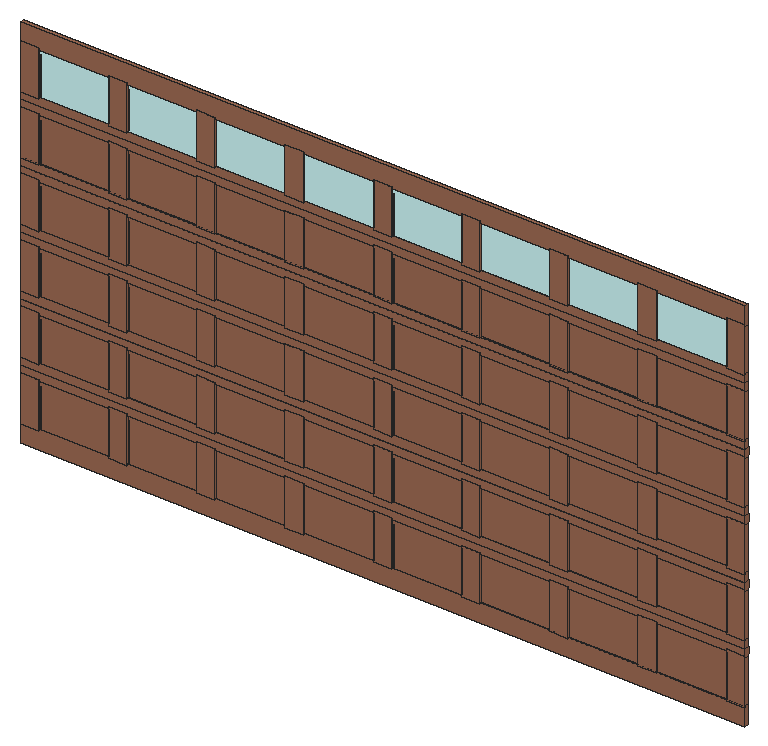
Revit family "GDBL E 48P GT CRV", category Doors, host Wall, Revit 2013
Parameters
  Wall Opening [instance] = 4880 mm
  Function = Interior
  Frame Projection Ext. = 25 mm
  Frame Projection Int. = 25 mm
  Frame Width = 75 mm
  Height = 2535 mm
  Wall Closure = By host
  Width = 4880 mm
Reference planes
  plane 1: y = 0
  plane 2 "Center (Left/Right)": x = 0
  plane 3 "Left": x = -2440
  plane 4 "Right": x = 2440
  plane 5: z = 2535
  plane 6 "Exterior": y = 75
  plane 7 "Interior": y = -75
  plane 8 "Garage Bottom": y = 75
  plane 9 "Garage Left": x = 2470
  plane 10 "Garage Right": x = -2470
  plane 11 "Garage Top": z = 2100
  plane 12: z = 476
  plane 13: z = 882
  plane 14: z = 1288
  plane 15: z = 1694
  plane 16: z = 2570
Forms (mm)
  Extrusion 1, solid, material "Garage Wood"
    sketch origin (2744.172, -275, 1694) x (0, -1, 0) y (-1, 0, 0)
      loop
        line (-175, 5089.172) -> (-185, 5089.172) -> (-185, 4612.172) -> (-175, 4612.172) -> (-175, 5089.172)
    from 55.546 to 351
  Sweep 2, solid, material "Garage Wood"
    path origin (2744.172, 120, 1287.954) x (1, 0, 0) y (0, 1, 0)
      loop
        line (-5214.172, -225) -> (-274.172, -225)
    profile "Van Acht 55.5x30 Garage Rail : Van Acht 55.5x30 Garage Rail" origin (0, -105, 1287.954) x (0, 1, 0) y (0, 0, 1)
      loop
        line (0, 0.046) -> (30, 0.046) -> (30, 46.546) -> (28, 46.546)
        arc (28, 46.546) -> (25.296, 51.527) -> (20, 53.546) r 8.162
        line (20, 53.546) -> (20, 55.546) -> (0, 55.546) -> (0, 0.046)
  Extrusion 3, solid, material "Garage Wood"
    sketch origin (0, 0, 0) x (0, -1, 0) y (0, 0, -1)
      loop
        line (105, -1694.046) -> (105, -1638.546) -> (85, -1638.546) -> (85, -1640.546)
        arc (85, -1640.546) -> (79.704, -1642.565) -> (77, -1647.546) r 8.162
        line (77, -1647.546) -> (75, -1647.546) -> (75, -1694.046) -> (105, -1694.046)
    from -2470 to 2470
  Sweep 4, solid, material "Garage Wood"
    path origin (2744.172, 120, 881.954) x (1, 0, 0) y (0, 1, 0)
      loop
        line (-5214.172, -225) -> (-274.172, -225)
    profile "Van Acht 55.5x30 Garage Rail : Van Acht 55.5x30 Garage Rail" origin (0, -105, 881.954) x (0, 1, 0) y (0, 0, 1)
      loop
        line (0, 0.046) -> (30, 0.046) -> (30, 46.546) -> (28, 46.546)
        arc (28, 46.546) -> (25.296, 51.527) -> (20, 53.546) r 8.162
        line (20, 53.546) -> (20, 55.546) -> (0, 55.546) -> (0, 0.046)
  Extrusion 5, solid, material "Garage Wood"
    sketch origin (0, 0, -406) x (0, -1, 0) y (0, 0, -1)
      loop
        line (105, -1694.046) -> (105, -1638.546) -> (85, -1638.546) -> (85, -1640.546)
        arc (85, -1640.546) -> (79.704, -1642.565) -> (77, -1647.546) r 8.162
        line (77, -1647.546) -> (75, -1647.546) -> (75, -1694.046) -> (105, -1694.046)
    from -2470 to 2470
  Sweep 6, solid, material "Garage Wood"
    path origin (2744.172, 120, 475.954) x (1, 0, 0) y (0, 1, 0)
      loop
        line (-5214.172, -225) -> (-274.172, -225)
    profile "Van Acht 55.5x30 Garage Rail : Van Acht 55.5x30 Garage Rail" origin (0, -105, 475.954) x (0, 1, 0) y (0, 0, 1)
      loop
        line (0, 0.046) -> (30, 0.046) -> (30, 46.546) -> (28, 46.546)
        arc (28, 46.546) -> (25.296, 51.527) -> (20, 53.546) r 8.162
        line (20, 53.546) -> (20, 55.546) -> (0, 55.546) -> (0, 0.046)
  Extrusion 7, solid, material "Garage Wood"
    sketch origin (0, 0, -812) x (0, -1, 0) y (0, 0, -1)
      loop
        line (105, -1694.046) -> (105, -1638.546) -> (85, -1638.546) -> (85, -1640.546)
        arc (85, -1640.546) -> (79.704, -1642.565) -> (77, -1647.546) r 8.162
        line (77, -1647.546) -> (75, -1647.546) -> (75, -1694.046) -> (105, -1694.046)
    from -2470 to 2470
  Extrusion 8, solid, material "Garage Wood"
    sketch origin (0, 0, -1218) x (0, -1, 0) y (0, 0, -1)
      loop
        line (105, -1694.046) -> (105, -1638.546) -> (85, -1638.546) -> (85, -1640.546)
        arc (85, -1640.546) -> (79.704, -1642.565) -> (77, -1647.546) r 8.162
        line (77, -1647.546) -> (75, -1647.546) -> (75, -1694.046) -> (105, -1694.046)
    from -2470 to 2470
  Extrusion 9, solid, material "Garage Wood"
    sketch origin (0, 0, 2169.454) x (0, -1, 0) y (0, 0, -1)
      loop
        line (75, 2052.909) -> (77.097, 2052.909)
        arc (77.097, 2052.909) -> (79.86, 2048.193) -> (84.988, 2046.306) r 8.098
        line (84.988, 2046.306) -> (84.988, 2044.454) -> (105, 2044.454) -> (105, 2169.454) -> (75, 2169.454) -> (75, 2052.909)
    from -2470 to 2470
  Sweep 10, solid, material "Garage Wood"
    path origin (2744.172, 120, 2099.954) x (1, 0, 0) y (0, 1, 0)
      loop
        line (-5214.172, -225) -> (-274.172, -225)
    profile "Van Acht 55.5x30 Garage Rail : Van Acht 55.5x30 Garage Rail" origin (0, -105, 2099.954) x (0, 1, 0) y (0, 0, 1)
      loop
        line (0, 0.046) -> (30, 0.046) -> (30, 46.546) -> (28, 46.546)
        arc (28, 46.546) -> (25.296, 51.527) -> (20, 53.546) r 8.162
        line (20, 53.546) -> (20, 55.546) -> (0, 55.546) -> (0, 0.046)
  Extrusion 11, solid, material "Garage Wood"
    sketch origin (0, 0, 2.977) x (0, -1, 0) y (0, 0, -1)
      loop
        line (105, -2442.023) -> (85, -2442.023) -> (85, -2444)
        arc (85, -2444) -> (79.704, -2446.019) -> (77, -2451) r 8.162
        line (77, -2451) -> (75, -2451) -> (75, -2567.023) -> (105, -2567.023) -> (105, -2442.023)
    from -2470 to 2470
  Extrusion 12, solid, material "Garage Wood"
    sketch origin (0, 0, 406) x (0, -1, 0) y (0, 0, -1)
      loop
        line (105, -1694.046) -> (105, -1638.546) -> (85, -1638.546) -> (85, -1640.546)
        arc (85, -1640.546) -> (79.704, -1642.565) -> (77, -1647.546) r 8.162
        line (77, -1647.546) -> (75, -1647.546) -> (75, -1694.046) -> (105, -1694.046)
    from -2470 to 2470
  Sweep 13, solid, material "Garage Wood"
    path origin (2744.172, 120, 1693.954) x (1, 0, 0) y (0, 1, 0)
      loop
        line (-5214.172, -225) -> (-274.172, -225)
    profile "Van Acht 55.5x30 Garage Rail : Van Acht 55.5x30 Garage Rail" origin (0, -105, 1693.954) x (0, 1, 0) y (0, 0, 1)
      loop
        line (0, 0.046) -> (30, 0.046) -> (30, 46.546) -> (28, 46.546)
        arc (28, 46.546) -> (25.296, 51.527) -> (20, 53.546) r 8.162
        line (20, 53.546) -> (20, 55.546) -> (0, 55.546) -> (0, 0.046)
  Extrusion 14, solid, material "Garage Wood"
    sketch origin (2744.172, 300, 1288) x (0, -1, 0) y (-1, 0, 0)
      loop
        line (385, 5091.172) -> (385, 5089.172) -> (405, 5089.172) -> (405, 5214.172) -> (375, 5214.172) -> (375, 5098.172) -> (377, 5098.172)
        arc (377, 5098.172) -> (379.704, 5093.191) -> (385, 5091.172) r 8.162
      loop
        arc (385, 397.172) -> (379.704, 395.153) -> (377, 390.172) r 8.162
        line (377, 390.172) -> (375, 390.172) -> (375, 274.172) -> (405, 274.172) -> (405, 399.172) -> (385, 399.172) -> (385, 397.172)
      loop
        line (385, 3887.372) -> (385, 3885.372) -> (405, 3885.372) -> (405, 4010.372) -> (385, 4010.372) -> (385, 4008.372)
        arc (385, 4008.372) -> (379.704, 4006.353) -> (377, 4001.372) r 8.162
        line (377, 4001.372) -> (375, 4001.372) -> (375, 3894.372) -> (377, 3894.372)
        arc (377, 3894.372) -> (379.704, 3889.391) -> (385, 3887.372) r 8.162
      loop
        line (385, 2683.672) -> (385, 2681.672) -> (405, 2681.672) -> (405, 2806.672) -> (385, 2806.672) -> (385, 2804.672)
        arc (385, 2804.672) -> (379.704, 2802.653) -> (377, 2797.672) r 8.162
        line (377, 2797.672) -> (375, 2797.672) -> (375, 2690.672) -> (377, 2690.672)
        arc (377, 2690.672) -> (379.704, 2685.691) -> (385, 2683.672) r 8.162
      loop
        arc (385, 1600.972) -> (379.704, 1598.953) -> (377, 1593.972) r 8.162
        line (377, 1593.972) -> (375, 1593.972) -> (375, 1486.972) -> (377, 1486.972)
        arc (377, 1486.972) -> (379.704, 1481.991) -> (385, 1479.972) r 8.162
        line (385, 1479.972) -> (385, 1477.972) -> (405, 1477.972) -> (405, 1602.972) -> (385, 1602.972) -> (385, 1600.972)
      loop
        line (385, 4489.172) -> (385, 4487.172) -> (405, 4487.172) -> (405, 4612.172) -> (385, 4612.172) -> (385, 4610.172)
        arc (385, 4610.172) -> (379.704, 4608.153) -> (377, 4603.172) r 8.162
        line (377, 4603.172) -> (375, 4603.172) -> (375, 4496.172) -> (377, 4496.172)
        arc (377, 4496.172) -> (379.704, 4491.191) -> (385, 4489.172) r 8.162
      loop
        line (385, 3285.372) -> (385, 3283.372) -> (405, 3283.372) -> (405, 3408.372) -> (385, 3408.372) -> (385, 3406.372)
        arc (385, 3406.372) -> (379.704, 3404.353) -> (377, 3399.372) r 8.162
        line (377, 3399.372) -> (375, 3399.372) -> (375, 3292.372) -> (377, 3292.372)
        arc (377, 3292.372) -> (379.704, 3287.391) -> (385, 3285.372) r 8.162
      loop
        line (385, 2081.672) -> (385, 2079.672) -> (405, 2079.672) -> (405, 2204.672) -> (385, 2204.672) -> (385, 2202.672)
        arc (385, 2202.672) -> (379.704, 2200.653) -> (377, 2195.672) r 8.162
        line (377, 2195.672) -> (375, 2195.672) -> (375, 2088.672) -> (377, 2088.672)
        arc (377, 2088.672) -> (379.704, 2083.691) -> (385, 2081.672) r 8.162
      loop
        line (385, 877.972) -> (385, 875.972) -> (405, 875.972) -> (405, 1000.972) -> (385, 1000.972) -> (385, 998.972)
        arc (385, 998.972) -> (379.704, 996.953) -> (377, 991.972) r 8.162
        line (377, 991.972) -> (375, 991.972) -> (375, 884.972) -> (377, 884.972)
        arc (377, 884.972) -> (379.704, 879.991) -> (385, 877.972) r 8.162
    from 46.546 to 359.5
  Extrusion 15, solid, material "Garage Wood"
    sketch origin (2744.172, 300, 1694) x (0, -1, 0) y (-1, 0, 0)
      loop
        line (385, 5091.172) -> (385, 5089.172) -> (405, 5089.172) -> (405, 5214.172) -> (375, 5214.172) -> (375, 5098.172) -> (377, 5098.172)
        arc (377, 5098.172) -> (379.704, 5093.191) -> (385, 5091.172) r 8.162
      loop
        arc (385, 397.172) -> (379.704, 395.153) -> (377, 390.172) r 8.162
        line (377, 390.172) -> (375, 390.172) -> (375, 274.172) -> (405, 274.172) -> (405, 399.172) -> (385, 399.172) -> (385, 397.172)
      loop
        line (385, 3887.372) -> (385, 3885.372) -> (405, 3885.372) -> (405, 4010.372) -> (385, 4010.372) -> (385, 4008.372)
        arc (385, 4008.372) -> (379.704, 4006.353) -> (377, 4001.372) r 8.162
        line (377, 4001.372) -> (375, 4001.372) -> (375, 3894.372) -> (377, 3894.372)
        arc (377, 3894.372) -> (379.704, 3889.391) -> (385, 3887.372) r 8.162
      loop
        line (385, 2683.672) -> (385, 2681.672) -> (405, 2681.672) -> (405, 2806.672) -> (385, 2806.672) -> (385, 2804.672)
        arc (385, 2804.672) -> (379.704, 2802.653) -> (377, 2797.672) r 8.162
        line (377, 2797.672) -> (375, 2797.672) -> (375, 2690.672) -> (377, 2690.672)
        arc (377, 2690.672) -> (379.704, 2685.691) -> (385, 2683.672) r 8.162
      loop
        arc (385, 1600.972) -> (379.704, 1598.953) -> (377, 1593.972) r 8.162
        line (377, 1593.972) -> (375, 1593.972) -> (375, 1486.972) -> (377, 1486.972)
        arc (377, 1486.972) -> (379.704, 1481.991) -> (385, 1479.972) r 8.162
        line (385, 1479.972) -> (385, 1477.972) -> (405, 1477.972) -> (405, 1602.972) -> (385, 1602.972) -> (385, 1600.972)
      loop
        line (385, 4489.172) -> (385, 4487.172) -> (405, 4487.172) -> (405, 4612.172) -> (385, 4612.172) -> (385, 4610.172)
        arc (385, 4610.172) -> (379.704, 4608.153) -> (377, 4603.172) r 8.162
        line (377, 4603.172) -> (375, 4603.172) -> (375, 4496.172) -> (377, 4496.172)
        arc (377, 4496.172) -> (379.704, 4491.191) -> (385, 4489.172) r 8.162
      loop
        line (385, 3285.372) -> (385, 3283.372) -> (405, 3283.372) -> (405, 3408.372) -> (385, 3408.372) -> (385, 3406.372)
        arc (385, 3406.372) -> (379.704, 3404.353) -> (377, 3399.372) r 8.162
        line (377, 3399.372) -> (375, 3399.372) -> (375, 3292.372) -> (377, 3292.372)
        arc (377, 3292.372) -> (379.704, 3287.391) -> (385, 3285.372) r 8.162
      loop
        line (385, 2081.672) -> (385, 2079.672) -> (405, 2079.672) -> (405, 2204.672) -> (385, 2204.672) -> (385, 2202.672)
        arc (385, 2202.672) -> (379.704, 2200.653) -> (377, 2195.672) r 8.162
        line (377, 2195.672) -> (375, 2195.672) -> (375, 2088.672) -> (377, 2088.672)
        arc (377, 2088.672) -> (379.704, 2083.691) -> (385, 2081.672) r 8.162
      loop
        line (385, 877.972) -> (385, 875.972) -> (405, 875.972) -> (405, 1000.972) -> (385, 1000.972) -> (385, 998.972)
        arc (385, 998.972) -> (379.704, 996.953) -> (377, 991.972) r 8.162
        line (377, 991.972) -> (375, 991.972) -> (375, 884.972) -> (377, 884.972)
        arc (377, 884.972) -> (379.704, 879.991) -> (385, 877.972) r 8.162
    from 46.546 to 359.5
  Extrusion 16, solid, material "Garage Wood"
    sketch origin (2744.172, 300, 2100.454) x (0, -1, 0) y (-1, 0, 0)
      loop
        line (385, 5091.172) -> (385, 5089.172) -> (405, 5089.172) -> (405, 5214.172) -> (375, 5214.172) -> (375, 5098.172) -> (377, 5098.172)
        arc (377, 5098.172) -> (379.704, 5093.191) -> (385, 5091.172) r 8.162
      loop
        arc (385, 397.172) -> (379.704, 395.153) -> (377, 390.172) r 8.162
        line (377, 390.172) -> (375, 390.172) -> (375, 274.172) -> (405, 274.172) -> (405, 399.172) -> (385, 399.172) -> (385, 397.172)
      loop
        line (385, 3887.372) -> (385, 3885.372) -> (405, 3885.372) -> (405, 4010.372) -> (385, 4010.372) -> (385, 4008.372)
        arc (385, 4008.372) -> (379.704, 4006.353) -> (377, 4001.372) r 8.162
        line (377, 4001.372) -> (375, 4001.372) -> (375, 3894.372) -> (377, 3894.372)
        arc (377, 3894.372) -> (379.704, 3889.391) -> (385, 3887.372) r 8.162
      loop
        line (385, 2683.672) -> (385, 2681.672) -> (405, 2681.672) -> (405, 2806.672) -> (385, 2806.672) -> (385, 2804.672)
        arc (385, 2804.672) -> (379.704, 2802.653) -> (377, 2797.672) r 8.162
        line (377, 2797.672) -> (375, 2797.672) -> (375, 2690.672) -> (377, 2690.672)
        arc (377, 2690.672) -> (379.704, 2685.691) -> (385, 2683.672) r 8.162
      loop
        arc (385, 1600.972) -> (379.704, 1598.953) -> (377, 1593.972) r 8.162
        line (377, 1593.972) -> (375, 1593.972) -> (375, 1486.972) -> (377, 1486.972)
        arc (377, 1486.972) -> (379.704, 1481.991) -> (385, 1479.972) r 8.162
        line (385, 1479.972) -> (385, 1477.972) -> (405, 1477.972) -> (405, 1602.972) -> (385, 1602.972) -> (385, 1600.972)
      loop
        line (385, 4489.172) -> (385, 4487.172) -> (405, 4487.172) -> (405, 4612.172) -> (385, 4612.172) -> (385, 4610.172)
        arc (385, 4610.172) -> (379.704, 4608.153) -> (377, 4603.172) r 8.162
        line (377, 4603.172) -> (375, 4603.172) -> (375, 4496.172) -> (377, 4496.172)
        arc (377, 4496.172) -> (379.704, 4491.191) -> (385, 4489.172) r 8.162
      loop
        line (385, 3285.372) -> (385, 3283.372) -> (405, 3283.372) -> (405, 3408.372) -> (385, 3408.372) -> (385, 3406.372)
        arc (385, 3406.372) -> (379.704, 3404.353) -> (377, 3399.372) r 8.162
        line (377, 3399.372) -> (375, 3399.372) -> (375, 3292.372) -> (377, 3292.372)
        arc (377, 3292.372) -> (379.704, 3287.391) -> (385, 3285.372) r 8.162
      loop
        line (385, 2081.672) -> (385, 2079.672) -> (405, 2079.672) -> (405, 2204.672) -> (385, 2204.672) -> (385, 2202.672)
        arc (385, 2202.672) -> (379.704, 2200.653) -> (377, 2195.672) r 8.162
        line (377, 2195.672) -> (375, 2195.672) -> (375, 2088.672) -> (377, 2088.672)
        arc (377, 2088.672) -> (379.704, 2083.691) -> (385, 2081.672) r 8.162
      loop
        line (385, 877.972) -> (385, 875.972) -> (405, 875.972) -> (405, 1000.972) -> (385, 1000.972) -> (385, 998.972)
        arc (385, 998.972) -> (379.704, 996.953) -> (377, 991.972) r 8.162
        line (377, 991.972) -> (375, 991.972) -> (375, 884.972) -> (377, 884.972)
        arc (377, 884.972) -> (379.704, 879.991) -> (385, 877.972) r 8.162
    from 46.909 to 359.954
  Extrusion 17, solid, material "Garage Wood"
    sketch origin (2744.172, 300, 882) x (0, -1, 0) y (-1, 0, 0)
      loop
        line (385, 5091.172) -> (385, 5089.172) -> (405, 5089.172) -> (405, 5214.172) -> (375, 5214.172) -> (375, 5098.172) -> (377, 5098.172)
        arc (377, 5098.172) -> (379.704, 5093.191) -> (385, 5091.172) r 8.162
      loop
        arc (385, 397.172) -> (379.704, 395.153) -> (377, 390.172) r 8.162
        line (377, 390.172) -> (375, 390.172) -> (375, 274.172) -> (405, 274.172) -> (405, 399.172) -> (385, 399.172) -> (385, 397.172)
      loop
        line (385, 3887.372) -> (385, 3885.372) -> (405, 3885.372) -> (405, 4010.372) -> (385, 4010.372) -> (385, 4008.372)
        arc (385, 4008.372) -> (379.704, 4006.353) -> (377, 4001.372) r 8.162
        line (377, 4001.372) -> (375, 4001.372) -> (375, 3894.372) -> (377, 3894.372)
        arc (377, 3894.372) -> (379.704, 3889.391) -> (385, 3887.372) r 8.162
      loop
        line (385, 2683.672) -> (385, 2681.672) -> (405, 2681.672) -> (405, 2806.672) -> (385, 2806.672) -> (385, 2804.672)
        arc (385, 2804.672) -> (379.704, 2802.653) -> (377, 2797.672) r 8.162
        line (377, 2797.672) -> (375, 2797.672) -> (375, 2690.672) -> (377, 2690.672)
        arc (377, 2690.672) -> (379.704, 2685.691) -> (385, 2683.672) r 8.162
      loop
        arc (385, 1600.972) -> (379.704, 1598.953) -> (377, 1593.972) r 8.162
        line (377, 1593.972) -> (375, 1593.972) -> (375, 1486.972) -> (377, 1486.972)
        arc (377, 1486.972) -> (379.704, 1481.991) -> (385, 1479.972) r 8.162
        line (385, 1479.972) -> (385, 1477.972) -> (405, 1477.972) -> (405, 1602.972) -> (385, 1602.972) -> (385, 1600.972)
      loop
        line (385, 4489.172) -> (385, 4487.172) -> (405, 4487.172) -> (405, 4612.172) -> (385, 4612.172) -> (385, 4610.172)
        arc (385, 4610.172) -> (379.704, 4608.153) -> (377, 4603.172) r 8.162
        line (377, 4603.172) -> (375, 4603.172) -> (375, 4496.172) -> (377, 4496.172)
        arc (377, 4496.172) -> (379.704, 4491.191) -> (385, 4489.172) r 8.162
      loop
        line (385, 3285.372) -> (385, 3283.372) -> (405, 3283.372) -> (405, 3408.372) -> (385, 3408.372) -> (385, 3406.372)
        arc (385, 3406.372) -> (379.704, 3404.353) -> (377, 3399.372) r 8.162
        line (377, 3399.372) -> (375, 3399.372) -> (375, 3292.372) -> (377, 3292.372)
        arc (377, 3292.372) -> (379.704, 3287.391) -> (385, 3285.372) r 8.162
      loop
        line (385, 2081.672) -> (385, 2079.672) -> (405, 2079.672) -> (405, 2204.672) -> (385, 2204.672) -> (385, 2202.672)
        arc (385, 2202.672) -> (379.704, 2200.653) -> (377, 2195.672) r 8.162
        line (377, 2195.672) -> (375, 2195.672) -> (375, 2088.672) -> (377, 2088.672)
        arc (377, 2088.672) -> (379.704, 2083.691) -> (385, 2081.672) r 8.162
      loop
        line (385, 877.972) -> (385, 875.972) -> (405, 875.972) -> (405, 1000.972) -> (385, 1000.972) -> (385, 998.972)
        arc (385, 998.972) -> (379.704, 996.953) -> (377, 991.972) r 8.162
        line (377, 991.972) -> (375, 991.972) -> (375, 884.972) -> (377, 884.972)
        arc (377, 884.972) -> (379.704, 879.991) -> (385, 877.972) r 8.162
    from 46.546 to 359.5
  Extrusion 18, solid, material "Garage Wood"
    sketch origin (2744.172, 300, 475.909) x (0, -1, 0) y (-1, 0, 0)
      loop
        line (385, 5091.172) -> (385, 5089.172) -> (405, 5089.172) -> (405, 5214.172) -> (375, 5214.172) -> (375, 5098.172) -> (377, 5098.172)
        arc (377, 5098.172) -> (379.704, 5093.191) -> (385, 5091.172) r 8.162
      loop
        arc (385, 397.172) -> (379.704, 395.153) -> (377, 390.172) r 8.162
        line (377, 390.172) -> (375, 390.172) -> (375, 274.172) -> (405, 274.172) -> (405, 399.172) -> (385, 399.172) -> (385, 397.172)
      loop
        line (385, 3887.372) -> (385, 3885.372) -> (405, 3885.372) -> (405, 4010.372) -> (385, 4010.372) -> (385, 4008.372)
        arc (385, 4008.372) -> (379.704, 4006.353) -> (377, 4001.372) r 8.162
        line (377, 4001.372) -> (375, 4001.372) -> (375, 3894.372) -> (377, 3894.372)
        arc (377, 3894.372) -> (379.704, 3889.391) -> (385, 3887.372) r 8.162
      loop
        line (385, 2683.672) -> (385, 2681.672) -> (405, 2681.672) -> (405, 2806.672) -> (385, 2806.672) -> (385, 2804.672)
        arc (385, 2804.672) -> (379.704, 2802.653) -> (377, 2797.672) r 8.162
        line (377, 2797.672) -> (375, 2797.672) -> (375, 2690.672) -> (377, 2690.672)
        arc (377, 2690.672) -> (379.704, 2685.691) -> (385, 2683.672) r 8.162
      loop
        arc (385, 1600.972) -> (379.704, 1598.953) -> (377, 1593.972) r 8.162
        line (377, 1593.972) -> (375, 1593.972) -> (375, 1486.972) -> (377, 1486.972)
        arc (377, 1486.972) -> (379.704, 1481.991) -> (385, 1479.972) r 8.162
        line (385, 1479.972) -> (385, 1477.972) -> (405, 1477.972) -> (405, 1602.972) -> (385, 1602.972) -> (385, 1600.972)
      loop
        line (385, 4489.172) -> (385, 4487.172) -> (405, 4487.172) -> (405, 4612.172) -> (385, 4612.172) -> (385, 4610.172)
        arc (385, 4610.172) -> (379.704, 4608.153) -> (377, 4603.172) r 8.162
        line (377, 4603.172) -> (375, 4603.172) -> (375, 4496.172) -> (377, 4496.172)
        arc (377, 4496.172) -> (379.704, 4491.191) -> (385, 4489.172) r 8.162
      loop
        line (385, 3285.372) -> (385, 3283.372) -> (405, 3283.372) -> (405, 3408.372) -> (385, 3408.372) -> (385, 3406.372)
        arc (385, 3406.372) -> (379.704, 3404.353) -> (377, 3399.372) r 8.162
        line (377, 3399.372) -> (375, 3399.372) -> (375, 3292.372) -> (377, 3292.372)
        arc (377, 3292.372) -> (379.704, 3287.391) -> (385, 3285.372) r 8.162
      loop
        line (385, 2081.672) -> (385, 2079.672) -> (405, 2079.672) -> (405, 2204.672) -> (385, 2204.672) -> (385, 2202.672)
        arc (385, 2202.672) -> (379.704, 2200.653) -> (377, 2195.672) r 8.162
        line (377, 2195.672) -> (375, 2195.672) -> (375, 2088.672) -> (377, 2088.672)
        arc (377, 2088.672) -> (379.704, 2083.691) -> (385, 2081.672) r 8.162
      loop
        line (385, 877.972) -> (385, 875.972) -> (405, 875.972) -> (405, 1000.972) -> (385, 1000.972) -> (385, 998.972)
        arc (385, 998.972) -> (379.704, 996.953) -> (377, 991.972) r 8.162
        line (377, 991.972) -> (375, 991.972) -> (375, 884.972) -> (377, 884.972)
        arc (377, 884.972) -> (379.704, 879.991) -> (385, 877.972) r 8.162
    from 46.454 to 359.363
  Extrusion 19, solid, material "Garage Wood"
    sketch origin (2744.172, 300, 2506.454) x (0, -1, 0) y (-1, 0, 0)
      loop
        line (385, 5091.172) -> (385, 5089.172) -> (405, 5089.172) -> (405, 5214.172) -> (375, 5214.172) -> (375, 5098.172) -> (377, 5098.172)
        arc (377, 5098.172) -> (379.704, 5093.191) -> (385, 5091.172) r 8.162
      loop
        arc (385, 397.172) -> (379.704, 395.153) -> (377, 390.172) r 8.162
        line (377, 390.172) -> (375, 390.172) -> (375, 274.172) -> (405, 274.172) -> (405, 399.172) -> (385, 399.172) -> (385, 397.172)
      loop
        line (385, 3887.372) -> (385, 3885.372) -> (405, 3885.372) -> (405, 4010.372) -> (385, 4010.372) -> (385, 4008.372)
        arc (385, 4008.372) -> (379.704, 4006.353) -> (377, 4001.372) r 8.162
        line (377, 4001.372) -> (375, 4001.372) -> (375, 3894.372) -> (377, 3894.372)
        arc (377, 3894.372) -> (379.704, 3889.391) -> (385, 3887.372) r 8.162
      loop
        line (385, 2683.672) -> (385, 2681.672) -> (405, 2681.672) -> (405, 2806.672) -> (385, 2806.672) -> (385, 2804.672)
        arc (385, 2804.672) -> (379.704, 2802.653) -> (377, 2797.672) r 8.162
        line (377, 2797.672) -> (375, 2797.672) -> (375, 2690.672) -> (377, 2690.672)
        arc (377, 2690.672) -> (379.704, 2685.691) -> (385, 2683.672) r 8.162
      loop
        arc (385, 1600.972) -> (379.704, 1598.953) -> (377, 1593.972) r 8.162
        line (377, 1593.972) -> (375, 1593.972) -> (375, 1486.972) -> (377, 1486.972)
        arc (377, 1486.972) -> (379.704, 1481.991) -> (385, 1479.972) r 8.162
        line (385, 1479.972) -> (385, 1477.972) -> (405, 1477.972) -> (405, 1602.972) -> (385, 1602.972) -> (385, 1600.972)
      loop
        line (385, 4489.172) -> (385, 4487.172) -> (405, 4487.172) -> (405, 4612.172) -> (385, 4612.172) -> (385, 4610.172)
        arc (385, 4610.172) -> (379.704, 4608.153) -> (377, 4603.172) r 8.162
        line (377, 4603.172) -> (375, 4603.172) -> (375, 4496.172) -> (377, 4496.172)
        arc (377, 4496.172) -> (379.704, 4491.191) -> (385, 4489.172) r 8.162
      loop
        line (385, 3285.372) -> (385, 3283.372) -> (405, 3283.372) -> (405, 3408.372) -> (385, 3408.372) -> (385, 3406.372)
        arc (385, 3406.372) -> (379.704, 3404.353) -> (377, 3399.372) r 8.162
        line (377, 3399.372) -> (375, 3399.372) -> (375, 3292.372) -> (377, 3292.372)
        arc (377, 3292.372) -> (379.704, 3287.391) -> (385, 3285.372) r 8.162
      loop
        line (385, 2081.672) -> (385, 2079.672) -> (405, 2079.672) -> (405, 2204.672) -> (385, 2204.672) -> (385, 2202.672)
        arc (385, 2202.672) -> (379.704, 2200.653) -> (377, 2195.672) r 8.162
        line (377, 2195.672) -> (375, 2195.672) -> (375, 2088.672) -> (377, 2088.672)
        arc (377, 2088.672) -> (379.704, 2083.691) -> (385, 2081.672) r 8.162
      loop
        line (385, 877.972) -> (385, 875.972) -> (405, 875.972) -> (405, 1000.972) -> (385, 1000.972) -> (385, 998.972)
        arc (385, 998.972) -> (379.704, 996.953) -> (377, 991.972) r 8.162
        line (377, 991.972) -> (375, 991.972) -> (375, 884.972) -> (377, 884.972)
        arc (377, 884.972) -> (379.704, 879.991) -> (385, 877.972) r 8.162
    from 52.477 to 359.909
  Extrusion 20, solid, material "Garage Wood"
    sketch origin (3346.172, -275, 1694) x (0, -1, 0) y (-1, 0, 0)
      loop
        line (-175, 5089.172) -> (-185, 5089.172) -> (-185, 4612.172) -> (-175, 4612.172) -> (-175, 5089.172)
    from 55.546 to 351
  Extrusion 21, solid, material "Garage Wood"
    sketch origin (3947.972, -275, 1694) x (0, -1, 0) y (-1, 0, 0)
      loop
        line (-175, 5089.172) -> (-185, 5089.172) -> (-185, 4612.172) -> (-175, 4612.172) -> (-175, 5089.172)
    from 55.546 to 351
  Extrusion 22, solid, material "Garage Wood"
    sketch origin (4549.972, -275, 1694) x (0, -1, 0) y (-1, 0, 0)
      loop
        line (-175, 5089.172) -> (-185, 5089.172) -> (-185, 4612.172) -> (-175, 4612.172) -> (-175, 5089.172)
    from 55.546 to 351
  Extrusion 23, solid, material "Garage Wood"
    sketch origin (5151.672, -275, 1694) x (0, -1, 0) y (-1, 0, 0)
      loop
        line (-175, 5089.172) -> (-185, 5089.172) -> (-185, 4612.172) -> (-175, 4612.172) -> (-175, 5089.172)
    from 55.546 to 351
  Extrusion 24, solid, material "Garage Wood"
    sketch origin (5753.672, -275, 1694) x (0, -1, 0) y (-1, 0, 0)
      loop
        line (-175, 5089.172) -> (-185, 5089.172) -> (-185, 4612.172) -> (-175, 4612.172) -> (-175, 5089.172)
    from 55.546 to 351
  Extrusion 25, solid, material "Garage Wood"
    sketch origin (6355.372, -275, 1694) x (0, -1, 0) y (-1, 0, 0)
      loop
        line (-175, 5089.172) -> (-185, 5089.172) -> (-185, 4612.172) -> (-175, 4612.172) -> (-175, 5089.172)
    from 55.546 to 351
  Extrusion 26, solid, material "Garage Wood"
    sketch origin (6957.372, -275, 1694) x (0, -1, 0) y (-1, 0, 0)
      loop
        line (-175, 5089.172) -> (-185, 5089.172) -> (-185, 4612.172) -> (-175, 4612.172) -> (-175, 5089.172)
    from 55.546 to 351
  Extrusion 27, solid, material "Garage Wood"
    sketch origin (2744.172, -275, 2100) x (0, -1, 0) y (-1, 0, 0)
      loop
        line (-175, 5089.172) -> (-185, 5089.172) -> (-185, 4612.172) -> (-175, 4612.172) -> (-175, 5089.172)
    from 55.546 to 351
  Extrusion 28, solid, material "Garage Wood"
    sketch origin (3346.172, -275, 2100) x (0, -1, 0) y (-1, 0, 0)
      loop
        line (-175, 5089.172) -> (-185, 5089.172) -> (-185, 4612.172) -> (-175, 4612.172) -> (-175, 5089.172)
    from 55.546 to 351
  Extrusion 29, solid, material "Garage Wood"
    sketch origin (3947.972, -275, 2100) x (0, -1, 0) y (-1, 0, 0)
      loop
        line (-175, 5089.172) -> (-185, 5089.172) -> (-185, 4612.172) -> (-175, 4612.172) -> (-175, 5089.172)
    from 55.546 to 351
  Extrusion 30, solid, material "Garage Wood"
    sketch origin (4549.972, -275, 2100) x (0, -1, 0) y (-1, 0, 0)
      loop
        line (-175, 5089.172) -> (-185, 5089.172) -> (-185, 4612.172) -> (-175, 4612.172) -> (-175, 5089.172)
    from 55.546 to 351
  Extrusion 31, solid, material "Garage Wood"
    sketch origin (5151.672, -275, 2100) x (0, -1, 0) y (-1, 0, 0)
      loop
        line (-175, 5089.172) -> (-185, 5089.172) -> (-185, 4612.172) -> (-175, 4612.172) -> (-175, 5089.172)
    from 55.546 to 351
  Extrusion 32, solid, material "Garage Wood"
    sketch origin (5753.672, -275, 2100) x (0, -1, 0) y (-1, 0, 0)
      loop
        line (-175, 5089.172) -> (-185, 5089.172) -> (-185, 4612.172) -> (-175, 4612.172) -> (-175, 5089.172)
    from 55.546 to 351
  Extrusion 33, solid, material "Garage Wood"
    sketch origin (6355.372, -275, 2100) x (0, -1, 0) y (-1, 0, 0)
      loop
        line (-175, 5089.172) -> (-185, 5089.172) -> (-185, 4612.172) -> (-175, 4612.172) -> (-175, 5089.172)
    from 55.546 to 351
  Extrusion 34, solid, material "Garage Wood"
    sketch origin (6957.372, -275, 2100) x (0, -1, 0) y (-1, 0, 0)
      loop
        line (-175, 5089.172) -> (-185, 5089.172) -> (-185, 4612.172) -> (-175, 4612.172) -> (-175, 5089.172)
    from 55.546 to 351
  Extrusion 35, solid, material "Garage Wood"
    sketch origin (2744.172, -275, 1288) x (0, -1, 0) y (-1, 0, 0)
      loop
        line (-175, 5089.172) -> (-185, 5089.172) -> (-185, 4612.172) -> (-175, 4612.172) -> (-175, 5089.172)
    from 55.546 to 351
  Extrusion 36, solid, material "Garage Wood"
    sketch origin (3346.172, -275, 1288) x (0, -1, 0) y (-1, 0, 0)
      loop
        line (-175, 5089.172) -> (-185, 5089.172) -> (-185, 4612.172) -> (-175, 4612.172) -> (-175, 5089.172)
    from 55.546 to 351
  Extrusion 37, solid, material "Garage Wood"
    sketch origin (3947.972, -275, 1288) x (0, -1, 0) y (-1, 0, 0)
      loop
        line (-175, 5089.172) -> (-185, 5089.172) -> (-185, 4612.172) -> (-175, 4612.172) -> (-175, 5089.172)
    from 55.546 to 351
  Extrusion 38, solid, material "Garage Wood"
    sketch origin (4549.972, -275, 1288) x (0, -1, 0) y (-1, 0, 0)
      loop
        line (-175, 5089.172) -> (-185, 5089.172) -> (-185, 4612.172) -> (-175, 4612.172) -> (-175, 5089.172)
    from 55.546 to 351
  Extrusion 39, solid, material "Garage Wood"
    sketch origin (5151.672, -275, 1288) x (0, -1, 0) y (-1, 0, 0)
      loop
        line (-175, 5089.172) -> (-185, 5089.172) -> (-185, 4612.172) -> (-175, 4612.172) -> (-175, 5089.172)
    from 55.546 to 351
  Extrusion 40, solid, material "Garage Wood"
    sketch origin (5753.672, -275, 1288) x (0, -1, 0) y (-1, 0, 0)
      loop
        line (-175, 5089.172) -> (-185, 5089.172) -> (-185, 4612.172) -> (-175, 4612.172) -> (-175, 5089.172)
    from 55.546 to 351
  Extrusion 41, solid, material "Garage Wood"
    sketch origin (6355.372, -275, 1288) x (0, -1, 0) y (-1, 0, 0)
      loop
        line (-175, 5089.172) -> (-185, 5089.172) -> (-185, 4612.172) -> (-175, 4612.172) -> (-175, 5089.172)
    from 55.546 to 351
  Extrusion 42, solid, material "Garage Wood"
    sketch origin (6957.372, -275, 1288) x (0, -1, 0) y (-1, 0, 0)
      loop
        line (-175, 5089.172) -> (-185, 5089.172) -> (-185, 4612.172) -> (-175, 4612.172) -> (-175, 5089.172)
    from 55.546 to 351
  Extrusion 43, solid, material "Garage Wood"
    sketch origin (2744.172, -275, 882) x (0, -1, 0) y (-1, 0, 0)
      loop
        line (-175, 5089.172) -> (-185, 5089.172) -> (-185, 4612.172) -> (-175, 4612.172) -> (-175, 5089.172)
    from 55.546 to 351
  Extrusion 44, solid, material "Garage Wood"
    sketch origin (3346.172, -275, 882) x (0, -1, 0) y (-1, 0, 0)
      loop
        line (-175, 5089.172) -> (-185, 5089.172) -> (-185, 4612.172) -> (-175, 4612.172) -> (-175, 5089.172)
    from 55.546 to 351
  Extrusion 45, solid, material "Garage Wood"
    sketch origin (3947.972, -275, 882) x (0, -1, 0) y (-1, 0, 0)
      loop
        line (-175, 5089.172) -> (-185, 5089.172) -> (-185, 4612.172) -> (-175, 4612.172) -> (-175, 5089.172)
    from 55.546 to 351
  Extrusion 46, solid, material "Garage Wood"
    sketch origin (4549.972, -275, 882) x (0, -1, 0) y (-1, 0, 0)
      loop
        line (-175, 5089.172) -> (-185, 5089.172) -> (-185, 4612.172) -> (-175, 4612.172) -> (-175, 5089.172)
    from 55.546 to 351
  Extrusion 47, solid, material "Garage Wood"
    sketch origin (5151.672, -275, 882) x (0, -1, 0) y (-1, 0, 0)
      loop
        line (-175, 5089.172) -> (-185, 5089.172) -> (-185, 4612.172) -> (-175, 4612.172) -> (-175, 5089.172)
    from 55.546 to 351
  Extrusion 48, solid, material "Garage Wood"
    sketch origin (5753.672, -275, 882) x (0, -1, 0) y (-1, 0, 0)
      loop
        line (-175, 5089.172) -> (-185, 5089.172) -> (-185, 4612.172) -> (-175, 4612.172) -> (-175, 5089.172)
    from 55.546 to 351
  Extrusion 49, solid, material "Garage Wood"
    sketch origin (6355.372, -275, 882) x (0, -1, 0) y (-1, 0, 0)
      loop
        line (-175, 5089.172) -> (-185, 5089.172) -> (-185, 4612.172) -> (-175, 4612.172) -> (-175, 5089.172)
    from 55.546 to 351
  Extrusion 50, solid, material "Garage Wood"
    sketch origin (6957.372, -275, 882) x (0, -1, 0) y (-1, 0, 0)
      loop
        line (-175, 5089.172) -> (-185, 5089.172) -> (-185, 4612.172) -> (-175, 4612.172) -> (-175, 5089.172)
    from 55.546 to 351
  Extrusion 51, solid, material "Garage Wood"
    sketch origin (2744.172, -275, 476) x (0, -1, 0) y (-1, 0, 0)
      loop
        line (-175, 5089.172) -> (-185, 5089.172) -> (-185, 4612.172) -> (-175, 4612.172) -> (-175, 5089.172)
    from 55.546 to 351
  Extrusion 52, solid, material "Garage Wood"
    sketch origin (3346.172, -275, 476) x (0, -1, 0) y (-1, 0, 0)
      loop
        line (-175, 5089.172) -> (-185, 5089.172) -> (-185, 4612.172) -> (-175, 4612.172) -> (-175, 5089.172)
    from 55.546 to 351
  Extrusion 53, solid, material "Garage Wood"
    sketch origin (3947.972, -275, 476) x (0, -1, 0) y (-1, 0, 0)
      loop
        line (-175, 5089.172) -> (-185, 5089.172) -> (-185, 4612.172) -> (-175, 4612.172) -> (-175, 5089.172)
    from 55.546 to 351
  Extrusion 54, solid, material "Garage Wood"
    sketch origin (4549.972, -275, 476) x (0, -1, 0) y (-1, 0, 0)
      loop
        line (-175, 5089.172) -> (-185, 5089.172) -> (-185, 4612.172) -> (-175, 4612.172) -> (-175, 5089.172)
    from 55.546 to 351
  Extrusion 55, solid, material "Garage Wood"
    sketch origin (5151.672, -275, 476) x (0, -1, 0) y (-1, 0, 0)
      loop
        line (-175, 5089.172) -> (-185, 5089.172) -> (-185, 4612.172) -> (-175, 4612.172) -> (-175, 5089.172)
    from 55.546 to 351
  Extrusion 56, solid, material "Garage Wood"
    sketch origin (5753.672, -275, 476) x (0, -1, 0) y (-1, 0, 0)
      loop
        line (-175, 5089.172) -> (-185, 5089.172) -> (-185, 4612.172) -> (-175, 4612.172) -> (-175, 5089.172)
    from 55.546 to 351
  Extrusion 57, solid, material "Garage Wood"
    sketch origin (6355.372, -275, 476) x (0, -1, 0) y (-1, 0, 0)
      loop
        line (-175, 5089.172) -> (-185, 5089.172) -> (-185, 4612.172) -> (-175, 4612.172) -> (-175, 5089.172)
    from 55.546 to 351
  Extrusion 58, solid, material "Garage Wood"
    sketch origin (6957.372, -275, 476) x (0, -1, 0) y (-1, 0, 0)
      loop
        line (-175, 5089.172) -> (-185, 5089.172) -> (-185, 4612.172) -> (-175, 4612.172) -> (-175, 5089.172)
    from 55.546 to 351
  Extrusion 59, solid, material "Garage Glass"
    sketch origin (2744.172, -275, 2506) x (0, -1, 0) y (-1, 0, 0)
      loop
        line (-175, 5089.172) -> (-185, 5089.172) -> (-185, 4612.172) -> (-175, 4612.172) -> (-175, 5089.172)
    from 55.546 to 351
  Extrusion 60, solid, material "Garage Glass"
    sketch origin (3346.172, -275, 2506) x (0, -1, 0) y (-1, 0, 0)
      loop
        line (-175, 5089.172) -> (-185, 5089.172) -> (-185, 4612.172) -> (-175, 4612.172) -> (-175, 5089.172)
    from 55.546 to 351
  Extrusion 61, solid, material "Garage Glass"
    sketch origin (3947.972, -275, 2506) x (0, -1, 0) y (-1, 0, 0)
      loop
        line (-175, 5089.172) -> (-185, 5089.172) -> (-185, 4612.172) -> (-175, 4612.172) -> (-175, 5089.172)
    from 55.546 to 351
  Extrusion 62, solid, material "Garage Glass"
    sketch origin (4549.972, -275, 2506) x (0, -1, 0) y (-1, 0, 0)
      loop
        line (-175, 5089.172) -> (-185, 5089.172) -> (-185, 4612.172) -> (-175, 4612.172) -> (-175, 5089.172)
    from 55.546 to 351
  Extrusion 63, solid, material "Garage Glass"
    sketch origin (5151.672, -275, 2506) x (0, -1, 0) y (-1, 0, 0)
      loop
        line (-175, 5089.172) -> (-185, 5089.172) -> (-185, 4612.172) -> (-175, 4612.172) -> (-175, 5089.172)
    from 55.546 to 351
  Extrusion 64, solid, material "Garage Glass"
    sketch origin (5753.672, -275, 2506) x (0, -1, 0) y (-1, 0, 0)
      loop
        line (-175, 5089.172) -> (-185, 5089.172) -> (-185, 4612.172) -> (-175, 4612.172) -> (-175, 5089.172)
    from 55.546 to 351
  Extrusion 65, solid, material "Garage Glass"
    sketch origin (6355.372, -275, 2506) x (0, -1, 0) y (-1, 0, 0)
      loop
        line (-175, 5089.172) -> (-185, 5089.172) -> (-185, 4612.172) -> (-175, 4612.172) -> (-175, 5089.172)
    from 55.546 to 351
  Extrusion 66, solid, material "Garage Glass"
    sketch origin (6957.372, -275, 2506) x (0, -1, 0) y (-1, 0, 0)
      loop
        line (-175, 5089.172) -> (-185, 5089.172) -> (-185, 4612.172) -> (-175, 4612.172) -> (-175, 5089.172)
    from 55.546 to 351
Lines and regions (mm)
  Opening 1
    outline origin (-3050, -75, 0) x (1, 0, 0) y (0, 0, 1)
      loop
        line (610, 0) -> (5490, 0) -> (5490, 2535) -> (610, 2535) -> (610, 0)
  symbolic lines, style "Elevation Swing"
    curve 1: line (-2470, -105, 1694) -> (-2470, -2275, 1694)
    curve 2: line (-2470, -2275, 1694) -> (2470, -2275, 1694)
    curve 3: line (2470, -2275, 1694) -> (2470, -105, 1694)
Text (mm)
  text "Exterior" at (-2295.016, 1099.543, 0), in view "Ref. Level"
  text "Exterior" at (0, 1615.38, 3698.081), in view "Left"
  text "Exterior" at (0, 1036.032, 3874.932), in view "Right"
Dimensions and locks
  equal spacing: plane 3 "Left", plane 2 "Center (Left/Right)", plane 4 "Right"
  "Width": plane 3 "Left" to plane 4 "Right"
  "Height": plane 5 to host wall
  host wall to plane 5 = 2535 mm
  host wall to plane 16 = 2570 mm
  locked: plane 6 "Exterior" to host wall at 0
  locked: plane 7 "Interior" to host wall
  plane 3 "Left" to plane 4 "Right" = 4880 mm
  plane 10 "Garage Right" to plane 9 "Garage Left" = 4940 mm
  plane 11 "Garage Top" to plane 15 to plane 14 to plane 13 to plane 12 to level = 406 mm, 406 mm, 406 mm, 406 mm, 476 mm
  "Wall Opening": plane 3 "Left" to plane 4 "Right"
  plane 16 to plane 11 "Garage Top" = 470 mm
  aligned and locked: plane 3 "Left" to Opening 1 sketch curve
  aligned and locked: plane 5 to Opening 1 sketch curve  (x2)
  aligned and locked: Opening 1 sketch curve to plane 4 "Right"
  aligned and locked: Opening 1 sketch curve to level
  aligned and locked: host wall to plane 1
Automatic sketch dimensions
  host wall to Extrusion 1 sketch curve = 15 mm
  Extrusion 1 sketch curve to plane 3 "Left" = 95 mm
  Extrusion 1 sketch curve to Extrusion 1 sketch curve = 10 mm
  Extrusion 1 sketch curve to Extrusion 1 sketch curve = 477 mm
  Sweep 2 sketch curve to plane 10 "Garage Right" = 0 mm
  Sweep 2 sketch curve to plane 9 "Garage Left" = 0 mm
  plane 7 "Interior" to Sweep 2 sketch curve = 30 mm
  Extrusion 3 sketch curve to host wall = 0 mm
  Extrusion 3 sketch curve to host wall = 10 mm
  plane 15 to Extrusion 3 sketch curve = 55.454 mm
  Extrusion 3 sketch curve to host wall = 2 mm
  Extrusion 3 sketch curve to plane 15 = 0.046 mm
  Extrusion 3 sketch curve to host wall = 30 mm
  Extrusion 3 sketch curve to Extrusion 3 sketch curve = 0.079 mm
  Extrusion 3 sketch curve to Extrusion 3 sketch curve = 2 mm
  Extrusion 3 sketch curve to Extrusion 3 sketch curve = 7 mm
  Sweep 4 sketch curve to plane 10 "Garage Right" = 0 mm
  Sweep 4 sketch curve to plane 9 "Garage Left" = 0 mm
  plane 7 "Interior" to Sweep 4 sketch curve = 30 mm
  Extrusion 5 sketch curve to host wall = 0 mm
  Extrusion 5 sketch curve to host wall = 10 mm
  plane 14 to Extrusion 5 sketch curve = 55.454 mm
  Extrusion 5 sketch curve to host wall = 2 mm
  Extrusion 5 sketch curve to plane 14 = 0.046 mm
  Extrusion 5 sketch curve to host wall = 30 mm
  Extrusion 5 sketch curve to Extrusion 5 sketch curve = 0.079 mm
  Extrusion 5 sketch curve to Extrusion 5 sketch curve = 2 mm
  Extrusion 5 sketch curve to Extrusion 5 sketch curve = 7 mm
  Sweep 6 sketch curve to plane 10 "Garage Right" = 0 mm
  Sweep 6 sketch curve to plane 9 "Garage Left" = 0 mm
  plane 7 "Interior" to Sweep 6 sketch curve = 30 mm
  Extrusion 7 sketch curve to host wall = 0 mm
  Extrusion 7 sketch curve to host wall = 10 mm
  plane 13 to Extrusion 7 sketch curve = 55.454 mm
  Extrusion 7 sketch curve to host wall = 2 mm
  Extrusion 7 sketch curve to plane 13 = 0.046 mm
  Extrusion 7 sketch curve to host wall = 30 mm
  Extrusion 7 sketch curve to Extrusion 7 sketch curve = 0.079 mm
  Extrusion 7 sketch curve to Extrusion 7 sketch curve = 2 mm
  Extrusion 7 sketch curve to Extrusion 7 sketch curve = 7 mm
  Extrusion 8 sketch curve to host wall = 0 mm
  Extrusion 8 sketch curve to host wall = 10 mm
  plane 12 to Extrusion 8 sketch curve = 55.454 mm
  Extrusion 8 sketch curve to host wall = 2 mm
  Extrusion 8 sketch curve to plane 12 = 0.046 mm
  Extrusion 8 sketch curve to host wall = 30 mm
  Extrusion 8 sketch curve to Extrusion 8 sketch curve = 0.079 mm
  Extrusion 8 sketch curve to Extrusion 8 sketch curve = 2 mm
  Extrusion 8 sketch curve to Extrusion 8 sketch curve = 7 mm
  Extrusion 9 sketch curve to host wall = 0 mm
  Extrusion 9 sketch curve to level = 0 mm
  host wall to Extrusion 9 sketch curve = 30 mm
  level to Extrusion 9 sketch curve = 125 mm
  Extrusion 9 sketch curve to Extrusion 9 sketch curve = 2.097 mm
  host wall to Extrusion 9 sketch curve = 9.988 mm
  Extrusion 9 sketch curve to Extrusion 9 sketch curve = 0.068 mm
  Extrusion 9 sketch curve to Extrusion 9 sketch curve = 1.852 mm
  Extrusion 9 sketch curve to Extrusion 9 sketch curve = 6.602 mm
  curve 1 to plane 10 "Garage Right" = 0 mm
  curve 2 to plane 9 "Garage Left" = 0 mm
  host wall to curve 1 = 2200 mm
  host wall to curve 3 = 30 mm
  host wall to curve 1 = 30 mm
  Sweep 10 sketch curve to plane 10 "Garage Right" = 0 mm
  Sweep 10 sketch curve to plane 9 "Garage Left" = 0 mm
  plane 7 "Interior" to Sweep 10 sketch curve = 30 mm
  Extrusion 11 sketch curve to host wall = 0 mm
  plane 16 to Extrusion 11 sketch curve = 0 mm
  Extrusion 11 sketch curve to host wall = 30 mm
  Extrusion 11 sketch curve to plane 5 = 90 mm
  Extrusion 11 sketch curve to host wall = 2 mm
  Extrusion 11 sketch curve to host wall = 10 mm
  Extrusion 11 sketch curve to Extrusion 11 sketch curve = 0.079 mm
  Extrusion 11 sketch curve to Extrusion 11 sketch curve = 1.977 mm
  Extrusion 11 sketch curve to Extrusion 11 sketch curve = 7 mm
  Extrusion 12 sketch curve to host wall = 0 mm
  Extrusion 12 sketch curve to host wall = 10 mm
  Extrusion 12 sketch curve to plane 11 "Garage Top" = 55.454 mm
  Extrusion 12 sketch curve to host wall = 2 mm
  plane 11 "Garage Top" to Extrusion 12 sketch curve = 0.046 mm
  Extrusion 12 sketch curve to host wall = 30 mm
  Extrusion 12 sketch curve to Extrusion 12 sketch curve = 0.079 mm
  Extrusion 12 sketch curve to Extrusion 12 sketch curve = 2 mm
  Extrusion 12 sketch curve to Extrusion 12 sketch curve = 7 mm
  Sweep 13 sketch curve to plane 10 "Garage Right" = 0 mm
  Sweep 13 sketch curve to plane 9 "Garage Left" = 0 mm
  plane 7 "Interior" to Sweep 13 sketch curve = 30 mm
  host wall to Extrusion 14 sketch curve = 0 mm  (x9)
  Extrusion 14 sketch curve to plane 10 "Garage Right" = 0 mm
  Extrusion 14 sketch curve to plane 9 "Garage Left" = 0 mm
  Extrusion 14 sketch curve to plane 3 "Left" = 86 mm
  host wall to Extrusion 14 sketch curve = 2 mm  (x10)
  Extrusion 14 sketch curve to Extrusion 14 sketch curve = 2 mm  (x22)
  host wall to Extrusion 14 sketch curve = 10 mm  (x16)
  Extrusion 14 sketch curve to Extrusion 14 sketch curve = 20 mm  (x8)
  Extrusion 14 sketch curve to Extrusion 14 sketch curve = 30 mm
  Extrusion 14 sketch curve to Extrusion 14 sketch curve = 8.079 mm  (x6)
  Extrusion 14 sketch curve to Extrusion 14 sketch curve = 0.079 mm  (x10)
  Extrusion 14 sketch curve to Extrusion 14 sketch curve = 7 mm  (x16)
  Extrusion 14 sketch curve to Extrusion 14 sketch curve = 477 mm  (x4)
  Extrusion 14 sketch curve to Extrusion 14 sketch curve = 105.839 mm  (x6)
  Extrusion 14 sketch curve to Extrusion 14 sketch curve = 476.8 mm
  Extrusion 14 sketch curve to plane 2 "Center (Left/Right)" = 62.5 mm
  plane 2 "Center (Left/Right)" to Extrusion 14 sketch curve = 53.5 mm
  Extrusion 14 sketch curve to Extrusion 14 sketch curve = 476.7 mm
  plane 4 "Right" to Extrusion 14 sketch curve = 95 mm
  host wall to Extrusion 15 sketch curve = 0 mm  (x9)
  Extrusion 15 sketch curve to plane 10 "Garage Right" = 0 mm
  Extrusion 15 sketch curve to plane 9 "Garage Left" = 0 mm
  Extrusion 15 sketch curve to plane 3 "Left" = 86 mm
  host wall to Extrusion 15 sketch curve = 2 mm  (x10)
  Extrusion 15 sketch curve to Extrusion 15 sketch curve = 2 mm  (x22)
  host wall to Extrusion 15 sketch curve = 10 mm  (x16)
  Extrusion 15 sketch curve to Extrusion 15 sketch curve = 20 mm  (x8)
  Extrusion 15 sketch curve to Extrusion 15 sketch curve = 30 mm
  Extrusion 15 sketch curve to Extrusion 15 sketch curve = 0.079 mm  (x11)
  Extrusion 15 sketch curve to Extrusion 15 sketch curve = 8.079 mm  (x5)
  Extrusion 15 sketch curve to Extrusion 15 sketch curve = 7 mm  (x16)
  Extrusion 15 sketch curve to Extrusion 15 sketch curve = 477 mm  (x4)
  Extrusion 15 sketch curve to Extrusion 15 sketch curve = 105.839 mm  (x6)
  Extrusion 15 sketch curve to Extrusion 15 sketch curve = 476.8 mm
  Extrusion 15 sketch curve to plane 2 "Center (Left/Right)" = 62.5 mm
  plane 2 "Center (Left/Right)" to Extrusion 15 sketch curve = 53.5 mm
  Extrusion 15 sketch curve to Extrusion 15 sketch curve = 476.7 mm
  plane 4 "Right" to Extrusion 15 sketch curve = 95 mm
  host wall to Extrusion 16 sketch curve = 0 mm  (x9)
  Extrusion 16 sketch curve to plane 10 "Garage Right" = 0 mm
  Extrusion 16 sketch curve to plane 9 "Garage Left" = 0 mm
  Extrusion 16 sketch curve to plane 3 "Left" = 86 mm
  host wall to Extrusion 16 sketch curve = 2 mm  (x10)
  Extrusion 16 sketch curve to Extrusion 16 sketch curve = 2 mm  (x22)
  host wall to Extrusion 16 sketch curve = 10 mm  (x16)
  Extrusion 16 sketch curve to Extrusion 16 sketch curve = 20 mm  (x8)
  Extrusion 16 sketch curve to Extrusion 16 sketch curve = 30 mm
  Extrusion 16 sketch curve to Extrusion 16 sketch curve = 8.079 mm  (x6)
  Extrusion 16 sketch curve to Extrusion 16 sketch curve = 0.079 mm  (x10)
  Extrusion 16 sketch curve to Extrusion 16 sketch curve = 7 mm  (x16)
  Extrusion 16 sketch curve to Extrusion 16 sketch curve = 477 mm  (x4)
  Extrusion 16 sketch curve to Extrusion 16 sketch curve = 105.839 mm  (x6)
  Extrusion 16 sketch curve to Extrusion 16 sketch curve = 476.8 mm
  Extrusion 16 sketch curve to plane 2 "Center (Left/Right)" = 62.5 mm
  plane 2 "Center (Left/Right)" to Extrusion 16 sketch curve = 53.5 mm
  Extrusion 16 sketch curve to Extrusion 16 sketch curve = 476.7 mm
  plane 4 "Right" to Extrusion 16 sketch curve = 95 mm
  host wall to Extrusion 17 sketch curve = 0 mm  (x9)
  Extrusion 17 sketch curve to plane 10 "Garage Right" = 0 mm
  Extrusion 17 sketch curve to plane 9 "Garage Left" = 0 mm
  Extrusion 17 sketch curve to plane 3 "Left" = 86 mm
  host wall to Extrusion 17 sketch curve = 2 mm  (x10)
  Extrusion 17 sketch curve to Extrusion 17 sketch curve = 2 mm  (x22)
  host wall to Extrusion 17 sketch curve = 10 mm  (x16)
  Extrusion 17 sketch curve to Extrusion 17 sketch curve = 20 mm  (x8)
  Extrusion 17 sketch curve to Extrusion 17 sketch curve = 30 mm
  Extrusion 17 sketch curve to Extrusion 17 sketch curve = 8.079 mm  (x6)
  Extrusion 17 sketch curve to Extrusion 17 sketch curve = 0.079 mm  (x10)
  Extrusion 17 sketch curve to Extrusion 17 sketch curve = 7 mm  (x16)
  Extrusion 17 sketch curve to Extrusion 17 sketch curve = 477 mm  (x4)
  Extrusion 17 sketch curve to Extrusion 17 sketch curve = 105.839 mm  (x6)
  Extrusion 17 sketch curve to Extrusion 17 sketch curve = 476.8 mm
  Extrusion 17 sketch curve to plane 2 "Center (Left/Right)" = 62.5 mm
  plane 2 "Center (Left/Right)" to Extrusion 17 sketch curve = 53.5 mm
  Extrusion 17 sketch curve to Extrusion 17 sketch curve = 476.7 mm
  plane 4 "Right" to Extrusion 17 sketch curve = 95 mm
  host wall to Extrusion 18 sketch curve = 0 mm  (x9)
  Extrusion 18 sketch curve to plane 10 "Garage Right" = 0 mm
  Extrusion 18 sketch curve to plane 9 "Garage Left" = 0 mm
  Extrusion 18 sketch curve to plane 3 "Left" = 86 mm
  host wall to Extrusion 18 sketch curve = 2 mm  (x10)
  Extrusion 18 sketch curve to Extrusion 18 sketch curve = 2 mm  (x22)
  host wall to Extrusion 18 sketch curve = 10 mm  (x16)
  Extrusion 18 sketch curve to Extrusion 18 sketch curve = 20 mm  (x8)
  Extrusion 18 sketch curve to Extrusion 18 sketch curve = 30 mm
  Extrusion 18 sketch curve to Extrusion 18 sketch curve = 0.079 mm  (x11)
  Extrusion 18 sketch curve to Extrusion 18 sketch curve = 8.079 mm  (x5)
  Extrusion 18 sketch curve to Extrusion 18 sketch curve = 7 mm  (x16)
  Extrusion 18 sketch curve to Extrusion 18 sketch curve = 477 mm  (x4)
  Extrusion 18 sketch curve to Extrusion 18 sketch curve = 105.839 mm  (x6)
  Extrusion 18 sketch curve to Extrusion 18 sketch curve = 476.8 mm
  Extrusion 18 sketch curve to plane 2 "Center (Left/Right)" = 62.5 mm
  plane 2 "Center (Left/Right)" to Extrusion 18 sketch curve = 53.5 mm
  Extrusion 18 sketch curve to Extrusion 18 sketch curve = 476.7 mm
  plane 4 "Right" to Extrusion 18 sketch curve = 95 mm
  host wall to Extrusion 19 sketch curve = 0 mm  (x9)
  Extrusion 19 sketch curve to plane 10 "Garage Right" = 0 mm
  Extrusion 19 sketch curve to plane 9 "Garage Left" = 0 mm
  Extrusion 19 sketch curve to plane 3 "Left" = 86 mm
  host wall to Extrusion 19 sketch curve = 2 mm  (x10)
  Extrusion 19 sketch curve to Extrusion 19 sketch curve = 2 mm  (x22)
  host wall to Extrusion 19 sketch curve = 10 mm  (x16)
  Extrusion 19 sketch curve to Extrusion 19 sketch curve = 20 mm  (x8)
  Extrusion 19 sketch curve to Extrusion 19 sketch curve = 30 mm
  Extrusion 19 sketch curve to Extrusion 19 sketch curve = 8.079 mm  (x6)
  Extrusion 19 sketch curve to Extrusion 19 sketch curve = 0.079 mm  (x10)
  Extrusion 19 sketch curve to Extrusion 19 sketch curve = 7 mm  (x16)
  Extrusion 19 sketch curve to Extrusion 19 sketch curve = 477 mm  (x4)
  Extrusion 19 sketch curve to Extrusion 19 sketch curve = 105.839 mm  (x6)
  Extrusion 19 sketch curve to Extrusion 19 sketch curve = 476.8 mm
  Extrusion 19 sketch curve to plane 2 "Center (Left/Right)" = 62.5 mm
  plane 2 "Center (Left/Right)" to Extrusion 19 sketch curve = 53.5 mm
  Extrusion 19 sketch curve to Extrusion 19 sketch curve = 476.7 mm
  plane 4 "Right" to Extrusion 19 sketch curve = 95 mm
  host wall to Extrusion 20 sketch curve = 15 mm
  Extrusion 20 sketch curve to plane 3 "Left" = 697 mm
  Extrusion 20 sketch curve to Extrusion 20 sketch curve = 10 mm
  Extrusion 20 sketch curve to Extrusion 20 sketch curve = 477 mm
  host wall to Extrusion 21 sketch curve = 15 mm
  Extrusion 21 sketch curve to plane 2 "Center (Left/Right)" = 1141.2 mm
  Extrusion 21 sketch curve to Extrusion 21 sketch curve = 10 mm
  Extrusion 21 sketch curve to Extrusion 21 sketch curve = 477 mm
  host wall to Extrusion 22 sketch curve = 15 mm
  Extrusion 22 sketch curve to plane 2 "Center (Left/Right)" = 539.2 mm
  Extrusion 22 sketch curve to Extrusion 22 sketch curve = 10 mm
  Extrusion 22 sketch curve to plane 2 "Center (Left/Right)" = 62.2 mm
  host wall to Extrusion 23 sketch curve = 15 mm
  plane 2 "Center (Left/Right)" to Extrusion 23 sketch curve = 62.5 mm
  Extrusion 23 sketch curve to Extrusion 23 sketch curve = 10 mm
  Extrusion 23 sketch curve to Extrusion 23 sketch curve = 477 mm
  host wall to Extrusion 24 sketch curve = 15 mm
  plane 2 "Center (Left/Right)" to Extrusion 24 sketch curve = 664.5 mm
  Extrusion 24 sketch curve to Extrusion 24 sketch curve = 10 mm
  Extrusion 24 sketch curve to Extrusion 24 sketch curve = 477 mm
  host wall to Extrusion 25 sketch curve = 15 mm
  plane 4 "Right" to Extrusion 25 sketch curve = 1173.8 mm
  Extrusion 25 sketch curve to Extrusion 25 sketch curve = 10 mm
  Extrusion 25 sketch curve to Extrusion 25 sketch curve = 477 mm
  host wall to Extrusion 26 sketch curve = 15 mm
  plane 4 "Right" to Extrusion 26 sketch curve = 571.8 mm
  Extrusion 26 sketch curve to Extrusion 26 sketch curve = 10 mm
  plane 4 "Right" to Extrusion 26 sketch curve = 94.8 mm
  host wall to Extrusion 27 sketch curve = 15 mm
  Extrusion 27 sketch curve to plane 3 "Left" = 95 mm
  Extrusion 27 sketch curve to Extrusion 27 sketch curve = 10 mm
  Extrusion 27 sketch curve to Extrusion 27 sketch curve = 477 mm
  host wall to Extrusion 28 sketch curve = 15 mm
  Extrusion 28 sketch curve to plane 3 "Left" = 697 mm
  Extrusion 28 sketch curve to Extrusion 28 sketch curve = 10 mm
  Extrusion 28 sketch curve to Extrusion 28 sketch curve = 477 mm
  host wall to Extrusion 29 sketch curve = 15 mm
  Extrusion 29 sketch curve to plane 2 "Center (Left/Right)" = 1141.2 mm
  Extrusion 29 sketch curve to Extrusion 29 sketch curve = 10 mm
  Extrusion 29 sketch curve to Extrusion 29 sketch curve = 477 mm
  host wall to Extrusion 30 sketch curve = 15 mm
  Extrusion 30 sketch curve to plane 2 "Center (Left/Right)" = 539.2 mm
  Extrusion 30 sketch curve to Extrusion 30 sketch curve = 10 mm
  Extrusion 30 sketch curve to plane 2 "Center (Left/Right)" = 62.2 mm
  host wall to Extrusion 31 sketch curve = 15 mm
  plane 2 "Center (Left/Right)" to Extrusion 31 sketch curve = 62.5 mm
  Extrusion 31 sketch curve to Extrusion 31 sketch curve = 10 mm
  Extrusion 31 sketch curve to Extrusion 31 sketch curve = 477 mm
  host wall to Extrusion 32 sketch curve = 15 mm
  plane 2 "Center (Left/Right)" to Extrusion 32 sketch curve = 664.5 mm
  Extrusion 32 sketch curve to Extrusion 32 sketch curve = 10 mm
  Extrusion 32 sketch curve to Extrusion 32 sketch curve = 477 mm
  host wall to Extrusion 33 sketch curve = 15 mm
  plane 4 "Right" to Extrusion 33 sketch curve = 1173.8 mm
  Extrusion 33 sketch curve to Extrusion 33 sketch curve = 10 mm
  Extrusion 33 sketch curve to Extrusion 33 sketch curve = 477 mm
  host wall to Extrusion 34 sketch curve = 15 mm
  plane 4 "Right" to Extrusion 34 sketch curve = 571.8 mm
  Extrusion 34 sketch curve to Extrusion 34 sketch curve = 10 mm
  plane 4 "Right" to Extrusion 34 sketch curve = 94.8 mm
  host wall to Extrusion 35 sketch curve = 15 mm
  Extrusion 35 sketch curve to plane 3 "Left" = 95 mm
  Extrusion 35 sketch curve to Extrusion 35 sketch curve = 10 mm
  Extrusion 35 sketch curve to Extrusion 35 sketch curve = 477 mm
  host wall to Extrusion 36 sketch curve = 15 mm
  Extrusion 36 sketch curve to plane 3 "Left" = 697 mm
  Extrusion 36 sketch curve to Extrusion 36 sketch curve = 10 mm
  Extrusion 36 sketch curve to Extrusion 36 sketch curve = 477 mm
  host wall to Extrusion 37 sketch curve = 15 mm
  Extrusion 37 sketch curve to plane 2 "Center (Left/Right)" = 1141.2 mm
  Extrusion 37 sketch curve to Extrusion 37 sketch curve = 10 mm
  Extrusion 37 sketch curve to Extrusion 37 sketch curve = 477 mm
  host wall to Extrusion 38 sketch curve = 15 mm
  Extrusion 38 sketch curve to plane 2 "Center (Left/Right)" = 539.2 mm
  Extrusion 38 sketch curve to Extrusion 38 sketch curve = 10 mm
  Extrusion 38 sketch curve to plane 2 "Center (Left/Right)" = 62.2 mm
  host wall to Extrusion 39 sketch curve = 15 mm
